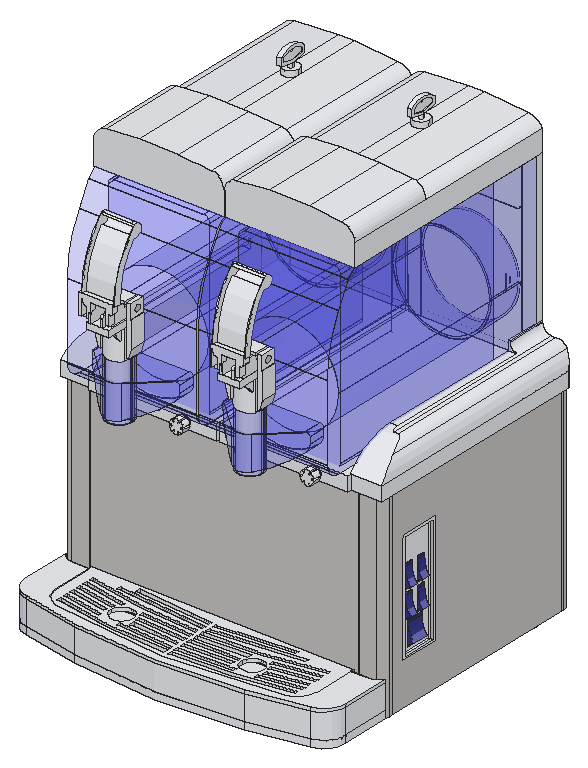
Revit family "QF_ELECTROLUXPROFESSIONAL_560106_SP2NewLUK", category Specialty Equipment, Revit 2018 (continued)
Definition of nested family "SP2_Vasca_R"
  Forms (mm)
    Extrusion 45, solid
      sketch origin (0.189, -212, -123.048) x (-1, 0, 0) y (0, 0, 1)
        loop
          circle (45.189, 417.933) r 6.382
      from 90.501 to 85.6
    Extrusion 46, solid
      sketch origin (-0.189, -212, -123.048) x (1, 0, 0) y (0, 0, -1)
        loop
          circle (45.189, -417.933) r 6.382
      from 85.6 to 90.501
    Extrusion 47, void
      sketch origin (-90.5, 0, 0) x (-1, 0, 0) y (0, -1, 0)
        loop
          arc (-210.523, -212) -> (-219.699, -208.199) -> (-223.5, -199.023) r 12.977
          line (-223.5, -199.023) -> (-223.5, -212) -> (-210.523, -212)
      from 328.597 to 286
  Cuts and joins
    Extrusion 8 cuts Extrusion 6
    Extrusion 8, Extrusion 9 cuts Extrusion 7
    Extrusion 8 cuts Extrusion 10
    joined: Extrusion 7, Extrusion 10, Extrusion 11
    joined: Extrusion 5, Extrusion 14
    Extrusion 20 cuts Extrusion 12
    Extrusion 20 cuts Extrusion 15
    Extrusion 20 cuts Extrusion 16
    Extrusion 20 cuts Extrusion 17
    Extrusion 20 cuts Extrusion 18
    Extrusion 25, Extrusion 47 cuts Extrusion 24
    Extrusion 22 cuts Extrusion 26
    Extrusion 31 cuts Extrusion 32
    Extrusion 22, Extrusion 42, Extrusion 44 cuts Extrusion 39
    Extrusion 22, Extrusion 42 cuts Extrusion 40
    Extrusion 38 cuts Extrusion 27
  Lines and regions (mm)
    symbolic lines
      curve 1: arc (112.977, -118, 14) -> (127.119, -112.142, 14) -> (132.977, -98, 14) r 20
      curve 2: line (110.977, 212, 14) -> (110.977, -50, 14)
      curve 3: line (110.977, -50, 14) -> (127.977, -50, 14)
      curve 4: line (127.977, -50, 14) -> (127.977, 209.259, 14)
      curve 5: arc (120, 212, 14) -> (129.176, 208.199, 14) -> (132.977, 199.023, 14) r 12.977
      curve 6: line (110.977, -50, 14) -> (110.977, -67.775, 14)
      curve 7: arc (110.977, -67.775, 14) -> (112.944, -92.763, 14) -> (118.795, -117.135, 14) r 159.732
      curve 8: line (127.977, -50, 14) -> (132.977, -85.577, 14)
      curve 9: line (89.477, 212, 14) -> (89.477, 30.512, 14)
      curve 10: line (89.477, 157, 14) -> (104.477, 157, 14)
      curve 11: line (104.477, 157, 14) -> (104.477, -88, 14)
      curve 12: arc (104.477, -88, 14) -> (103.013, -99.123, 14) -> (98.719, -109.488, 14) r 42.977
      curve 13: line (98.719, -109.488, 14) -> (89.477, -109.488, 14)
      curve 14: arc (89.477, 30.512, 14) -> (83.619, 16.37, 14) -> (69.477, 10.512, 14) r 20
      curve 15: arc (-90.523, 30.512, 14) -> (-84.665, 16.37, 14) -> (-70.523, 10.512, 14) r 20
      curve 16: line (-90.523, 30.512, 14) -> (-90.523, -113, 14)
      curve 17: line (89.477, 30.512, 14) -> (89.477, -113, 14)
      curve 18: line (2.977, 135.359, 14) -> (-3.023, 135.359, 14)
      curve 19: line (2.977, 96.233, 14) -> (2.977, 135.359, 14)
      curve 20: line (-3.023, 96.233, 14) -> (2.977, 96.233, 14)
      curve 21: line (-3.023, 135.359, 14) -> (-3.023, 96.233, 14)
      curve 22: arc (2.977, 105.213, 14) -> (10.977, 115.796, 14) -> (2.977, 126.379, 14) r 11
      curve 23: arc (-3.023, 126.379, 14) -> (-11.023, 115.796, 14) -> (-3.023, 105.213, 14) r 11
      curve 24: arc (89.477, -93, 14) -> (82.183, -87.573, 14) -> (73.338, -85.474, 14) r 22.513
      curve 25: arc (-90.523, -93, 14) -> (-83.229, -87.573, 14) -> (-74.384, -85.474, 14) r 22.513
      curve 26: arc (73.338, -85.474, 14) -> (-0.523, -83, 14) -> (-74.384, -85.474, 14) r 1103.745
      curve 27: line (-0.523, -113, 14) -> (-0.523, -171, 14)
      curve 28: line (82.477, -113, 14) -> (82.477, -153, 14)
      curve 29: line (-80.989, -113, 14) -> (-80.989, -153, 14)
      curve 30: line (-80.989, -153, 14) -> (82.477, -153, 14)
      curve 31: line (-50.989, -153, 14) -> (-21.523, -182.466, 14)
      curve 32: line (20.477, -216, 14) -> (-21.523, -216, 14)
      curve 33: line (-21.523, -216, 14) -> (-21.523, -171, 14)
      curve 34: line (-21.523, -171, 14) -> (20.477, -171, 14)
      curve 35: line (-16.523, -216, 14) -> (-16.523, -181, 14)
      curve 36: line (-16.523, -181, 14) -> (14.477, -181, 14)
      curve 37: line (14.477, -196, 14) -> (-16.523, -196, 14)
      curve 38: line (-55.989, -153, 14) -> (-21.523, -187.466, 14)
      curve 39: line (49.943, -153, 14) -> (20.477, -182.466, 14)
      curve 40: line (54.943, -153, 14) -> (20.477, -187.466, 14)
      curve 41: line (20.477, -216, 14) -> (20.477, -171, 14)
      curve 42: line (14.477, -216, 14) -> (14.477, -181, 14)
      curve 43: line (-90.523, 212, 14) -> (120, 212, 14)
      curve 44: line (132.977, 199.023, 14) -> (132.977, -98, 14)
      curve 45: line (-90.523, 212, 14) -> (-90.523, 30.512, 14)
      curve 46: line (-90.523, -113, 14) -> (89.477, -113, 14)
      curve 47: line (89.477, -113, 14) -> (89.477, -118, 14)
      curve 48: line (89.477, -118, 14) -> (112.977, -118, 14)
      curve 49: line (-70.523, 10.512, 0) -> (69.477, 10.512, 0)
  Dimensions and locks
    plane 4 "FEET" to level = 14 mm
    plane 6 "LEFT" to plane 3 "Center (Left/Right)" to plane 7 "RIGHT" = 133 mm, 133 mm
    plane 5 "BACK" to plane 1 "Center (Front/Back)" = 212 mm
    plane 6 "LEFT" to plane 7 "RIGHT" = 266 mm
    plane 5 "BACK" to plane 8 = 43 mm
    plane 8 to plane 11 = 250 mm
    plane 14 "TOP" to level = 640 mm
    plane 15 "FRONT" to plane 5 "BACK" = 428 mm
    plane 5 "BACK" to plane 15 "FRONT" = 428 mm
    Extrusion 36 to level = 613 mm
    Extrusion 36 to level = 606 mm
    aligned and locked: level to plane 2 "BASE"
